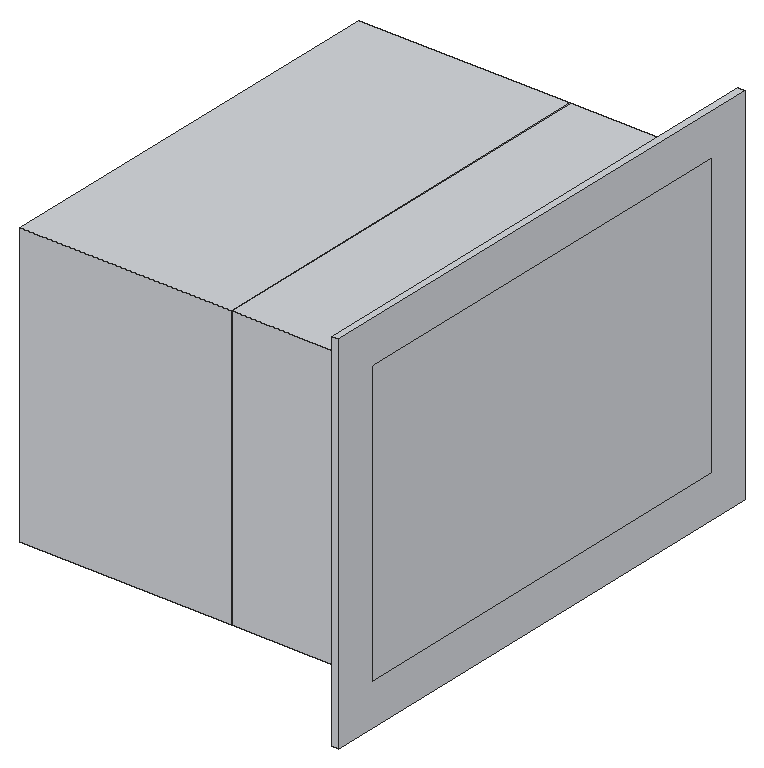
Revit family "RE Kanalteilstutzen SU - Flansch", category Luftkanalformteile, Revit 2014
Parameters (values of type "Allgemein")
  x2 [instance] = if(not(Min. ab > 100 mm), 0 mm, if(not(Min. ab > 125 mm), 25 mm, if(not(Min. ab > 150 mm), 50 mm, if(not(Min. ab > 175 mm), 75 mm, if(not(Min. ab > 200 mm), 100 mm, if(not(Min. ab > 225 mm), 125 mm, 150 mm))))))  # 100 mm
  x1 [instance] = if(x = 0 mm, x2, x)  # 10 mm
  x [instance] = 10 mm
  built-in parameter 1114214 [instance] = 150 mm
  built-in parameter 1114213 [instance] = 100 mm
  built-in parameter 1114215 [instance] = 0.32808 (stored number, unit not read)
  Min. ab [instance] = if(a < b, a, b)  # 200 mm
  Max. ab [instance] = if(a > b, a, b)  # 300 mm
  Länge e2 [instance] = if(not(e = 0 mm), if(e > x1, e, e + x1), Max. ab + x1)  # 310 mm
  Länge e1 [instance] = if(Länge e2 > 2000 mm, 2000 mm, Länge e2)  # 310 mm
  Länge 1 [instance] = if(x1 = 0 mm, 0 mm, x1)  # 10 mm
  e [instance] = 0 mm
  a [instance] = 200 mm
  b [instance] = 300 mm
  Flansch b [instance] = b + Flanschverlängerung * 2  # 360 mm
  Flansch a [instance] = a + Flanschverlängerung * 2  # 260 mm
  Flanschstärke [instance] = 5 mm
  Flanschverlängerung [instance] = 30 mm
Reference planes
  plane 1 "Mitte (vorne/hinten)": y = 0
  plane 2: z = 0
  plane 3 "Mitte (links/rechts)": x = 0
  plane 4: x = -150
  plane 5: x = 100
  plane 6: x = 85
  plane 7: x = 85
  plane 8: x = 95
  plane 9: y = 180
  plane 10: y = -180
Forms (mm)
  Sweep 1, solid, detail levels medium+fine
    path in 3D
      loop
        line (-150, 0, 0) -> (0, 0, 0)
    profile "Luftkanal - rechteckig : Luftkanal - rechteckig" origin (-75, 0, 0) x (0, 1, 0) y (0, 0, 1)
      loop
        line (-150, 100) -> (-150, -100) -> (150, -100) -> (150, 100) -> (-150, 100)
  Sweep 2, solid, detail levels medium+fine
    path in 3D
      loop
        line (0, 0, 0) -> (85, 0, 0)
    profile "Luftkanal - rechteckig : Luftkanal - rechteckig" origin (42.5, 0, 0) x (0, 1, 0) y (0, 0, 1)
      loop
        line (-150, 100) -> (-150, -100) -> (150, -100) -> (150, 100) -> (-150, 100)
  Sweep 3, solid, detail levels medium+fine
    path in 3D
      loop
        line (85, 0, 0) -> (100, 0, 0)
    profile "Luftkanal - rechteckig : Luftkanal - rechteckig" origin (92.5, 0, 0) x (0, 1, 0) y (0, 0, 1)
      loop
        line (-150, 100) -> (-150, -100) -> (150, -100) -> (150, 100) -> (-150, 100)
  Sweep 4, solid, detail levels fine
    path in 3D
      loop
        line (95, 0, 0) -> (100, 0, 0)
    profile "Luftkanal - rechteckig : Luftkanal - Flansch" origin (97.5, 0, 0) x (0, 1, 0) y (0, 0, 1)
      loop
        line (-180, 130) -> (-180, -130) -> (180, -130) -> (180, 130) -> (-180, 130)
Lines and regions (mm)
  reference lines
    curve 1: line (-150, 0, 0) -> (0, 0, 0)
    curve 2: line (0, 0, 0) -> (85, 0, 0)
    curve 3: line (85, 0, 0) -> (100, 0, 0)
    curve 7: line (95, 0, 0) -> (100, 0, 0)
  sketch lines
    curve 4: line (-150, 0, 0) -> (0, 0, 0)
    curve 5: line (0, 0, 0) -> (85, 0, 0)
    curve 6: line (85, 0, 0) -> (100, 0, 0)
    curve 8: line (95, 0, 0) -> (100, 0, 0)
  model lines, detail levels coarse
    curve 9: line (100, 180, 0) -> (100, -180, 0)
Dimensions and locks
  "built-in parameter 1114214": plane 4 to plane 3 "Mitte (links/rechts)"
  "built-in parameter 1114213": plane 3 "Mitte (links/rechts)" to plane 5
  "Flanschstärke": plane 8 to plane 5
  "x1": plane 7 to plane 8
  "Länge 1": plane 6 to plane 8
  equal spacing: plane 9, plane 1 "Mitte (vorne/hinten)", plane 10
  "Flansch b": plane 9 to plane 10
  aligned and locked: plane 4 to curve 1
  aligned and locked: plane 1 "Mitte (vorne/hinten)" to curve 1
  aligned and locked: plane 3 "Mitte (links/rechts)" to curve 2
  aligned and locked: plane 1 "Mitte (vorne/hinten)" to curve 2
  aligned and locked: plane 5 to curve 3
  aligned and locked: plane 1 "Mitte (vorne/hinten)" to curve 3
  aligned and locked: plane 5 to curve 7
  aligned and locked: plane 8 to curve 7
  aligned and locked: plane 1 "Mitte (vorne/hinten)" to curve 7
  aligned and locked: plane 6 to curve 3
  aligned and locked: plane 9 to curve 9
  aligned and locked: plane 10 to curve 9
  aligned and locked: curve 9 to plane 5
Automatic sketch dimensions
  curve 2 to plane 7 = 0 mm
Connectors
  hvac at (0, 0, 0), driven by "a", driven by "b"
    settings: on Sweep 2, index 1, duct flow 0.0 L/s, flow factor 0, pres drop 0.0 Pa, loss coef 0, conn angle 0.00°, conn width 300 mm, conn height 200 mm, conn diameter 609.6 mm, duct sys type 28, conn prof type 1, flow config 0, flow direction 0, loss method 0, conn ref index 2, conn util no, is conn primary yes, conn desc ""
  hvac at (100, 0, 0), driven by "a", driven by "b"
    settings: on Sweep 3, index 2, duct flow 0.0 L/s, flow factor 0, pres drop 0.0 Pa, loss coef 0, conn angle 0.00°, conn width 300 mm, conn height 200 mm, conn diameter 609.6 mm, duct sys type 28, conn prof type 1, flow config 0, flow direction 0, loss method 0, conn ref index 1, conn util no, is conn primary no, conn desc ""
